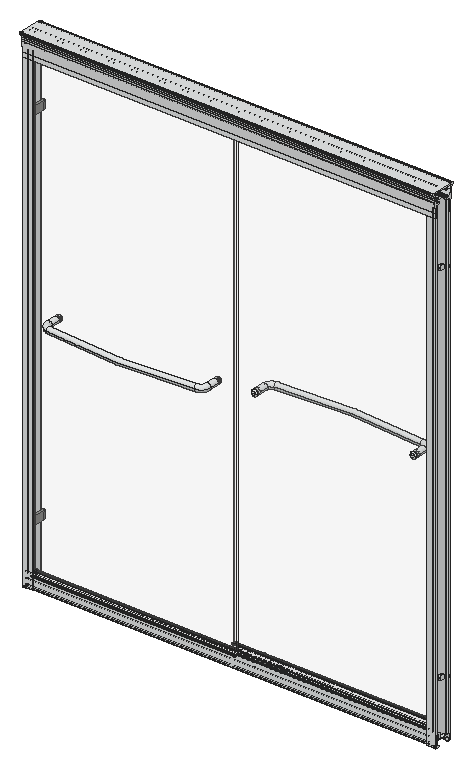
Revit family "Shower-Shower_Door-KOHLER-Fluence-K-702211", category Specialty Equipment, host Face, Revit 2021
Family settings
  Host = Face
  Round Connector Dimension = Use Diameter
  Part Type = Normal
  OmniClass Number = 23.31.17.17
  OmniClass Title = Shower Enclosures
  Cut with Voids When Loaded = No
  Shared = No
  Room Calculation Point = No
Parameters (values of type "SHP-Bright Polished Silver")
  Width [instance] = Walk thru + 27 107/128"  # 52 1/128"
  WaterSense Certified = 1 = 0  # no
  Walk thru [instance] = 24 11/64"
  URL = "https://www.us.kohler.com/us/"
  Type = 1
  Product Page URL = "https://www.us.kohler.com/us/catalog/productDetails.jsp?productId=702211-6L"
  Product Name = "Fluence"  # constant formula
  Product Documentation Link = "https://www.us.kohler.com/webassets/kpna/catalog/pdf/en/K-702211-6L_spec_US-CA_Kohler_en.pdf"
  Model = "K-702211-6L-SHP"  # constant formula
  Material = "Premium Metal Construction"  # constant formula
  Master Format 2014 Name = "Shower Doors"  # constant formula
  Master Format 2014 = "10 28 19.16"  # constant formula
  Manufacturer Address = "444 Highland Dr, Kohler, WI 53044"  # constant formula
  Manufacturer = "Kohler Co."  # constant formula
  Length = 7.24409"  # constant formula
  Height = 62.71654"  # constant formula
  Hardware Included = 1 = 1  # yes
  Finish = Kohler-Metal-SHP-Bright_Polished_Silver
  Environmental Product Declaration = ""
  Description = "49-52 Inch W x 62-23/32 Inch H Sliding Bath Door With 1/4 Inch Thick Crystal Clear Glass"  # constant formula
  Default Elevation = 4"
  Declare Label = ""
  Date Modified = "08/16/2022"  # constant formula
  Date Created = "08/16/2022"  # constant formula
  Copyright = "Copyright Kohler Co."  # constant formula
  Contact Us = "https://www.us.kohler.com/us/static/contact.jsp"
  Assembly Code = "C1030200"
  ADA Compliant = 1 = 0  # no
Reference planes (in)
  plane 1 "Center (Front/Back)": y = 1.56652
  plane 2: z = 0
  plane 3 "Center (Left/Right)": x = 0
  plane 4: y = 5.18105
  plane 5: y = -2.06305
  plane 6: x = 19.27256
  plane 7: x = -32.73525
  plane 8: x = -6.10399
  plane 9: z = 62.71654
  plane 10: z = 59.72667
  plane 11: z = 31.19818
  plane 12: z = 1.63095
  plane 13: z = 30.82317
  plane 14: x = 18.06788
  plane 15: x = -8.55077
  plane 16: x = -29.30073
  plane 17: x = 15.45519
  plane 18: x = -4.54481
  plane 19: z = 31.57321
  plane 20: y = 3.134
  plane 21: y = 0
  plane 22: z = 53.75003
  plane 23: z = 7.5
  plane 24: z = 61.69901
Dimensions and locks (in)
  plane 5 to plane 4 = 7.24409"
  "Width": plane 6 to plane 7
  locked: plane 8 to plane 7 at 26.63125
  "Walk thru": plane 14 to plane 8
  locked: plane 7 to plane 3 "Center (Left/Right)" at 32.73525
  plane 6 to plane 14 = 1.20468"
  locked: plane 3 "Center (Left/Right)" to plane 8 at 6.10399
  locked: plane 17 to plane 6 at 3.81737
  locked: plane 18 to plane 17 at 20
  plane 16 to plane 15 = 20.74996"
  "Height": plane 9 to level
  "Length": plane 5 to plane 4
  plane 10 to plane 12 = 58.09572"
  plane 19 to plane 13 = 0.75004"
  plane 13 to level = 30.82317"
  aligned and locked: plane 2 to host face
  aligned and locked: level to host face
  aligned and locked: plane 7 to nested 1
  aligned and locked: plane 6 to nested 1
Automatic sketch dimensions
  host sketch curve to host sketch curve = 96"  (x2)
Nested families (in)
  nested 1: "K-702211" at (-2.20325, 0, 0), type "K-702211"
Definition of nested family "K-702211"
  Parameters (values of type "K-702211")
    Width = Walk Thru + 27.83465"  # 52.00787"
    Walk Thru = 24.17323"
    Material = none
    Default Elevation = 0"
  Reference planes (in)
    plane 1 "Center (Front/Back)": y = 0
    plane 2: z = 0
    plane 3 "Center (Left/Right)": x = 0
    plane 4: x = 21.47587
    plane 5: x = -30.532
    plane 6: y = 1.56652
    plane 7: y = -2.05628
    plane 8: x = 20.56887
    plane 9: y = 3.134
    plane 10: x = 20.99337
    plane 11: z = 1.63095
    plane 12: z = 31.19818
    plane 13: z = 31.57321
    plane 14: z = 30.82518
    plane 15 "WALK THRU PLANE": x = -3.90075
    plane 16 "WTP1": x = 20.27248
    plane 17 "FH2": x = -26.7225
    plane 18 "FH1": x = -6.7225
    plane 19: x = -16.7225
    plane 20: y = 5.18105
    plane 21 "M1": x = -5.248
    plane 22: y = 2.15619
    plane 23: y = 1.92619
    plane 24: y = 1.20781
    plane 25: y = 0.97781
    plane 26: z = 61.69901
    plane 27: z = 31.19818
    plane 28 "M2": x = -2.3415
    plane 29: x = 17.6585
    plane 30: x = 17.4985
    plane 31 "M3": x = -2.1815
    plane 32: x = 7.65652
    plane 33: z = 62.71461
    plane 34: z = 59.72667
    plane 35: x = -6.34752
    plane 36: x = -27.09748
    plane 37: z = 53.75003
    plane 38: z = 7.5
  Forms (in)
    Extrusion 1, solid, material <- "Material", detail levels medium+fine
      sketch origin (29.093, 2.565, 0) x (0, 1, 0) y (0, 0, 1)
        loop
          line (-0.09022, 0.5137) -> (-0.22807, 0.5137)
          arc (-0.22807, 0.5137) -> (-0.25057, 0.4912) -> (-0.22807, 0.4687) r 0.0225
          line (-0.22807, 0.4687) -> (-0.06534, 0.4687)
          arc (-0.06534, 0.4687) -> (-0.05096, 0.46275) -> (-0.045, 0.44836) r 0.02034
          line (-0.045, 0.44836) -> (-0.045, 0.02241)
          arc (-0.045, 0.02241) -> (-0.0225, -0.00009) -> (0, 0.02241) r 0.0225
          line (0, 0.02241) -> (0, 0.53036) -> (-0.02, 0.565) -> (0, 0.59964) -> (0, 0.6346)
          arc (0, 0.6346) -> (-0.02337, 0.69243) -> (-0.08035, 0.71781) r 0.08326
          line (-0.08035, 0.71781) -> (-1.58747, 0.77044)
          arc (-1.58747, 0.77044) -> (-1.60203, 0.77692) -> (-1.608, 0.7917) r 0.02127
          line (-1.608, 0.7917) -> (-1.608, 0.88625)
          arc (-1.608, 0.88625) -> (-1.60222, 0.90022) -> (-1.58825, 0.906) r 0.01975
          line (-1.58825, 0.906) -> (-1.53212, 0.906)
          arc (-1.53212, 0.906) -> (-1.51817, 0.91194) -> (-1.51279, 0.92611) r 0.01935
          line (-1.51279, 0.92611) -> (-1.53698, 1.5443)
          arc (-1.53698, 1.5443) -> (-1.55307, 1.58284) -> (-1.59045, 1.60147) r 0.05985
          line (-1.59045, 1.60147) -> (-1.86846, 1.63103)
          arc (-1.86846, 1.63103) -> (-1.91436, 1.61616) -> (-1.934, 1.57209) r 0.05927
          line (-1.934, 1.57209) -> (-1.934, 0.01987)
          arc (-1.934, 0.01987) -> (-1.92818, 0.00582) -> (-1.91413, 0) r 0.01987
          line (-1.91413, 0) -> (-1.86764, 0)
          arc (-1.86764, 0) -> (-1.85362, 0.00828) -> (-1.85411, 0.02454) r 0.016
          arc (-1.85411, 0.02454) -> (-1.86729, 0.04224) -> (-1.88302, 0.05771) r 0.14406
          arc (-1.88302, 0.05771) -> (-1.8878, 0.0779) -> (-1.86988, 0.08836) r 0.01743
          arc (-1.86988, 0.08836) -> (-1.82545, 0.07962) -> (-1.78313, 0.06353) r 0.26803
          arc (-1.78313, 0.06353) -> (-1.74156, 0.07912) -> (-1.69803, 0.08787) r 0.27692
          arc (-1.69803, 0.08787) -> (-1.68058, 0.07794) -> (-1.68489, 0.05834) r 0.01692
          arc (-1.68489, 0.05834) -> (-1.70097, 0.0415) -> (-1.71379, 0.02207) r 0.13018
          arc (-1.71379, 0.02207) -> (-1.71346, 0.0073) -> (-1.7006, 0) r 0.01498
          line (-1.7006, 0) -> (-1.65471, 0)
          arc (-1.65471, 0) -> (-1.64006, 0.00606) -> (-1.634, 0.02071) r 0.02071
          line (-1.634, 0.02071) -> (-1.634, 0.08606)
          arc (-1.634, 0.08606) -> (-1.65237, 0.12719) -> (-1.69526, 0.14096) r 0.05523
          arc (-1.69526, 0.14096) -> (-1.74073, 0.13181) -> (-1.78385, 0.11476) r 0.26071
          arc (-1.78385, 0.11476) -> (-1.82519, 0.1319) -> (-1.86875, 0.14215) r 0.27697
          arc (-1.86875, 0.14215) -> (-1.88324, 0.15018) -> (-1.889, 0.16571) r 0.02382
          line (-1.889, 0.16571) -> (-1.889, 1.55999)
          arc (-1.889, 1.55999) -> (-1.88066, 1.57869) -> (-1.86118, 1.585) r 0.02516
          line (-1.86118, 1.585) -> (-1.60441, 1.5577)
          arc (-1.60441, 1.5577) -> (-1.58845, 1.54975) -> (-1.58158, 1.5333) r 0.02555
          line (-1.58158, 1.5333) -> (-1.5598, 0.9768)
          arc (-1.5598, 0.9768) -> (-1.568, 0.95699) -> (-1.58837, 0.95031) r 0.02565
          arc (-1.58837, 0.95031) -> (-1.6336, 0.93599) -> (-1.653, 0.8927) r 0.05799
          line (-1.653, 0.8927) -> (-1.653, 0.79158)
          arc (-1.653, 0.79158) -> (-1.63443, 0.74563) -> (-1.58916, 0.72547) r 0.06615
          line (-1.58916, 0.72547) -> (-0.27166, 0.67946)
          arc (-0.27166, 0.67946) -> (-0.25085, 0.6677) -> (-0.24852, 0.64391) r 0.02591
          arc (-0.24852, 0.64391) -> (-0.24647, 0.62474) -> (-0.22944, 0.6157) r 0.02056
          line (-0.22944, 0.6157) -> (-0.0898, 0.6157)
          arc (-0.0898, 0.6157) -> (-0.0758, 0.6099) -> (-0.07, 0.5959) r 0.0198
          line (-0.07, 0.5959) -> (-0.07, 0.53392)
          arc (-0.07, 0.53392) -> (-0.07592, 0.51963) -> (-0.09022, 0.5137) r 0.02022
      from -59.625 to -7.61713
    Extrusion 2, void
      sketch origin (0, 0, 0) x (0, 1, 0) y (0, 0, 1)
        loop
          line (1.00655, 1.63166) -> (0.58649, 1.66896) -> (0.58649, -0.19685) -> (2.5527, -0.19685) -> (2.5527, 0.74642) -> (1.14238, 0.79512)
          arc (1.14238, 0.79512) -> (1.10316, 0.81216) -> (1.0861, 0.85138) r 0.05833
          line (1.0861, 0.85138) -> (1.06084, 1.57438)
          arc (1.06084, 1.57438) -> (1.04453, 1.61329) -> (1.00655, 1.63166) r 0.0596
      from 20.27248 to 21.47587
    Extrusion 3, solid, material <- "Material", detail levels medium+fine
      sketch origin (0, 0, 0) x (1, 0, 0) y (0, 1, 0)
        loop
          line (-30.532, 2.615) -> (-30.532, 2.565) -> (-30.06986, 2.565)
          arc (-30.06986, 2.565) -> (-30.05582, 2.55918) -> (-30.05, 2.54514) r 0.01986
          line (-30.05, 2.54514) -> (-30.05, 0.60711)
          arc (-30.05, 0.60711) -> (-30.0562, 0.5922) -> (-30.07114, 0.58608) r 0.02103
          arc (-30.07114, 0.58608) -> (-30.30165, 0.58407) -> (-30.532, 0.57549) r 8.08435
          line (-30.532, 0.57549) -> (-30.532, 0.52591)
          arc (-30.532, 0.52591) -> (-29.94328, 0.53519) -> (-29.35471, 0.51888) r 13.54177
          arc (-29.35471, 0.51888) -> (-29.32915, 0.54196) -> (-29.35215, 0.5676) r 0.0244
          arc (-29.35215, 0.5676) -> (-29.66551, 0.58093) -> (-29.97912, 0.58597) r 11.87416
          arc (-29.97912, 0.58597) -> (-29.99389, 0.59213) -> (-30, 0.60691) r 0.02094
          line (-30, 0.60691) -> (-30, 2.573)
          arc (-30, 2.573) -> (-30.0123, 2.6027) -> (-30.042, 2.615) r 0.042
          line (-30.042, 2.615) -> (-30.532, 2.615)
      from 0 to 61.25
    Extrusion 4, solid, material <- "Material", detail levels medium+fine
      sketch origin (0, 0, 14.55654) x (0, 1, 0) y (0, 0, 1)
        loop
          line (2.03453, 48.05856) -> (2.99224, 48.05856)
          arc (2.99224, 48.05856) -> (3.00657, 48.04968) -> (3.00499, 48.03289) r 0.016
          arc (3.00499, 48.03289) -> (2.87918, 47.82721) -> (2.7966, 47.60069) r 1.211
          arc (2.7966, 47.60069) -> (2.71637, 47.23517) -> (2.66101, 46.86508) r 5.54
          arc (2.66101, 46.86508) -> (2.65362, 46.85085) -> (2.63863, 46.84514) r 0.02252
          line (2.63863, 46.84514) -> (2.48969, 46.84514)
          arc (2.48969, 46.84514) -> (2.47471, 46.83893) -> (2.4685, 46.82394) r 0.02119
          line (2.4685, 46.82394) -> (2.4685, 46.78176)
          arc (2.4685, 46.78176) -> (2.40117, 46.76059) -> (2.33201, 46.74649) r 0.68162
          arc (2.33201, 46.74649) -> (2.26784, 46.75684) -> (2.20551, 46.7753) r 0.50723
          arc (2.20551, 46.7753) -> (2.19317, 46.78482) -> (2.1885, 46.79968) r 0.02597
          line (2.1885, 46.79968) -> (2.1885, 46.8954)
          arc (2.1885, 46.8954) -> (2.16043, 46.89503) -> (2.1465, 46.87066) r 0.02829
          line (2.1465, 46.87066) -> (2.1465, 46.80061)
          arc (2.1465, 46.80061) -> (2.15528, 46.76573) -> (2.17952, 46.73916) r 0.07368
          arc (2.17952, 46.73916) -> (2.25361, 46.70466) -> (2.33455, 46.69339) r 0.27578
          arc (2.33455, 46.69339) -> (2.43391, 46.71303) -> (2.51946, 46.76724) r 0.27556
          arc (2.51946, 46.76724) -> (2.53463, 46.7768) -> (2.55224, 46.78014) r 0.04811
          line (2.55224, 46.78014) -> (2.62922, 46.78014)
          arc (2.62922, 46.78014) -> (2.64424, 46.77359) -> (2.64968, 46.75812) r 0.02051
          arc (2.64968, 46.75812) -> (2.62367, 46.28445) -> (2.615, 45.81014) r 12.97575
          line (2.615, 45.81014) -> (2.615, 45.17014) -> (2.68, 45.17014) -> (2.68, 45.81014)
          arc (2.68, 45.81014) -> (2.69845, 46.41298) -> (2.75373, 47.01356) r 9.85743
          arc (2.75373, 47.01356) -> (2.77708, 47.16967) -> (2.80851, 47.32435) r 3.03223
          arc (2.80851, 47.32435) -> (2.83126, 47.43397) -> (2.85309, 47.54378) r 13.47898
          arc (2.85309, 47.54378) -> (2.89321, 47.68946) -> (2.95509, 47.82733) r 0.98771
          arc (2.95509, 47.82733) -> (2.99248, 47.89297) -> (3.03239, 47.95711) r 1.95097
          arc (3.03239, 47.95711) -> (3.04978, 47.98297) -> (3.06801, 48.00825) r 0.95804
          arc (3.06801, 48.00825) -> (3.09308, 48.03929) -> (3.12047, 48.0683) r 0.51768
          arc (3.12047, 48.0683) -> (3.13048, 48.08305) -> (3.134, 48.10052) r 0.04512
          line (3.134, 48.10052) -> (3.134, 48.13206)
          arc (3.134, 48.13206) -> (3.11557, 48.15677) -> (3.08477, 48.15807) r 0.03588
          arc (3.08477, 48.15807) -> (3.01387, 48.13601) -> (2.94, 48.12856) r 0.36985
          line (2.94, 48.12856) -> (0.194, 48.12856)
          arc (0.194, 48.12856) -> (0.12013, 48.13601) -> (0.04923, 48.15807) r 0.36985
          arc (0.04923, 48.15807) -> (0.01843, 48.15677) -> (0, 48.13206) r 0.03588
          line (0, 48.13206) -> (0, 48.10052)
          arc (0, 48.10052) -> (0.00352, 48.08305) -> (0.01353, 48.0683) r 0.04512
          arc (0.01353, 48.0683) -> (0.04092, 48.03929) -> (0.06599, 48.00825) r 0.51768
          arc (0.06599, 48.00825) -> (0.08422, 47.98297) -> (0.10161, 47.95711) r 0.95804
          arc (0.10161, 47.95711) -> (0.14152, 47.89297) -> (0.17891, 47.82733) r 1.95097
          arc (0.17891, 47.82733) -> (0.24079, 47.68946) -> (0.28091, 47.54378) r 0.98771
          arc (0.28091, 47.54378) -> (0.30274, 47.43397) -> (0.32549, 47.32435) r 13.47898
          arc (0.32549, 47.32435) -> (0.35692, 47.16967) -> (0.38027, 47.01356) r 3.03223
          arc (0.38027, 47.01356) -> (0.43555, 46.41298) -> (0.454, 45.81014) r 9.85743
          line (0.454, 45.81014) -> (0.454, 45.17014) -> (0.519, 45.17014) -> (0.519, 45.81014)
          arc (0.519, 45.81014) -> (0.51033, 46.28445) -> (0.48432, 46.75812) r 12.97575
          arc (0.48432, 46.75812) -> (0.48976, 46.77359) -> (0.50478, 46.78014) r 0.02051
          line (0.50478, 46.78014) -> (0.58176, 46.78014)
          arc (0.58176, 46.78014) -> (0.59937, 46.7768) -> (0.61454, 46.76724) r 0.04811
          arc (0.61454, 46.76724) -> (0.70009, 46.71303) -> (0.79945, 46.69339) r 0.27556
          arc (0.79945, 46.69339) -> (0.88039, 46.70466) -> (0.95448, 46.73916) r 0.27578
          arc (0.95448, 46.73916) -> (0.97872, 46.76573) -> (0.9875, 46.80061) r 0.07368
          line (0.9875, 46.80061) -> (0.9875, 46.87066)
          arc (0.9875, 46.87066) -> (0.97357, 46.89503) -> (0.9455, 46.8954) r 0.02829
          line (0.9455, 46.8954) -> (0.9455, 46.79968)
          arc (0.9455, 46.79968) -> (0.94083, 46.78482) -> (0.92849, 46.7753) r 0.02597
          arc (0.92849, 46.7753) -> (0.86616, 46.75684) -> (0.80199, 46.74649) r 0.50723
          arc (0.80199, 46.74649) -> (0.73283, 46.76059) -> (0.6655, 46.78176) r 0.68162
          line (0.6655, 46.78176) -> (0.6655, 46.82394)
          arc (0.6655, 46.82394) -> (0.65929, 46.83893) -> (0.64431, 46.84514) r 0.02119
          line (0.64431, 46.84514) -> (0.49537, 46.84514)
          arc (0.49537, 46.84514) -> (0.48038, 46.85085) -> (0.47299, 46.86508) r 0.02252
          arc (0.47299, 46.86508) -> (0.41763, 47.23517) -> (0.3374, 47.60069) r 5.54
          arc (0.3374, 47.60069) -> (0.25482, 47.82721) -> (0.12901, 48.03289) r 1.211
          arc (0.12901, 48.03289) -> (0.12743, 48.04968) -> (0.14176, 48.05856) r 0.016
          line (0.14176, 48.05856) -> (1.09947, 48.05856) -> (1.09947, 47.84659)
          arc (1.09947, 47.84659) -> (1.09611, 47.83144) -> (1.08667, 47.81913) r 0.03584
          line (1.08667, 47.81913) -> (1.0005, 47.74683) -> (1.0005, 47.68156) -> (1.14947, 47.80656) -> (1.14947, 48.05856) -> (1.98453, 48.05856) -> (1.98453, 47.80656) -> (2.1335, 47.68156) -> (2.1335, 47.74683) -> (2.04972, 47.81713)
          arc (2.04972, 47.81713) -> (2.03851, 47.83173) -> (2.03453, 47.8497) r 0.04252
          line (2.03453, 47.8497) -> (2.03453, 48.05856)
      from -30.532 to 21.47587
    Extrusion 5, solid, material <- "Material", detail levels medium+fine
      sketch origin (17.4985, 2.44719, 52.68793) x (0, 1, 0) y (0, 0, 1)
        loop
          line (-0.18, 7.23465) -> (-0.18, 8.27401)
          arc (-0.18, 8.27401) -> (-0.218, 8.3699) -> (-0.31136, 8.41374) r 0.14
          arc (-0.31136, 8.41374) -> (-0.35304, 8.43331) -> (-0.37, 8.47612) r 0.0625
          line (-0.37, 8.47612) -> (-0.37, 9.25601)
          arc (-0.37, 9.25601) -> (-0.41, 9.29601) -> (-0.45, 9.25601) r 0.04
          line (-0.45, 9.25601) -> (-0.45, 8.47612)
          arc (-0.45, 8.47612) -> (-0.46696, 8.43331) -> (-0.50864, 8.41374) r 0.0625
          arc (-0.50864, 8.41374) -> (-0.602, 8.3699) -> (-0.64, 8.27401) r 0.14
          line (-0.64, 8.27401) -> (-0.64, 7.23513)
          arc (-0.64, 7.23513) -> (-0.63399, 7.22013) -> (-0.61928, 7.21345) r 0.02171
          arc (-0.61928, 7.21345) -> (-0.59514, 7.22249) -> (-0.585, 7.2462) r 0.03279
          line (-0.585, 7.2462) -> (-0.545, 7.2462) -> (-0.545, 8.27409)
          arc (-0.545, 8.27409) -> (-0.51867, 8.33767) -> (-0.45509, 8.36401) r 0.08991
          line (-0.45509, 8.36401) -> (-0.37573, 8.36401)
          arc (-0.37573, 8.36401) -> (-0.31582, 8.33919) -> (-0.291, 8.27928) r 0.08473
          line (-0.291, 8.27928) -> (-0.291, 7.2462) -> (-0.235, 7.2462)
          arc (-0.235, 7.2462) -> (-0.22436, 7.22202) -> (-0.19933, 7.21354) r 0.03279
          arc (-0.19933, 7.21354) -> (-0.18556, 7.22034) -> (-0.18, 7.23465) r 0.02119
      from 0.625 to -0.625
    Extrusion 6, solid, material <- "Material", detail levels medium+fine
      sketch origin (-26.5625, 0.91681, 52.68793) x (0, 1, 0) y (0, 0, 1)
        loop
          arc (-0.05096, 7.23465) -> (-0.04539, 7.22034) -> (-0.03162, 7.21354) r 0.02119
          arc (-0.03162, 7.21354) -> (-0.0066, 7.22202) -> (0.00404, 7.2462) r 0.03279
          line (0.00404, 7.2462) -> (0.06004, 7.2462) -> (0.06004, 8.27928)
          arc (0.06004, 8.27928) -> (0.08486, 8.33919) -> (0.14477, 8.36401) r 0.08473
          line (0.14477, 8.36401) -> (0.22413, 8.36401)
          arc (0.22413, 8.36401) -> (0.28771, 8.33767) -> (0.31404, 8.27409) r 0.08991
          line (0.31404, 8.27409) -> (0.31404, 7.2462) -> (0.35404, 7.2462)
          arc (0.35404, 7.2462) -> (0.36418, 7.22249) -> (0.38832, 7.21345) r 0.03279
          arc (0.38832, 7.21345) -> (0.40303, 7.22013) -> (0.40904, 7.23513) r 0.02171
          line (0.40904, 7.23513) -> (0.40904, 8.27401)
          arc (0.40904, 8.27401) -> (0.37105, 8.3699) -> (0.27768, 8.41374) r 0.14
          arc (0.27768, 8.41374) -> (0.236, 8.43331) -> (0.21904, 8.47612) r 0.0625
          line (0.21904, 8.47612) -> (0.21904, 9.25601)
          arc (0.21904, 9.25601) -> (0.17904, 9.29601) -> (0.13904, 9.25601) r 0.04
          line (0.13904, 9.25601) -> (0.13904, 8.47612)
          arc (0.13904, 8.47612) -> (0.12208, 8.43331) -> (0.0804, 8.41374) r 0.0625
          arc (0.0804, 8.41374) -> (-0.01296, 8.3699) -> (-0.05096, 8.27401) r 0.14
          line (-0.05096, 8.27401) -> (-0.05096, 7.23465)
      from -0.625 to 0.625
    Revolve 7, solid, material <- "Material", detail levels medium+fine
      sketch origin (-26.5625, 0.91681, 52.68793) x (0, 1, 0) y (0, 0, 1)
        loop
          line (0.12505, 9.2303) -> (0.015, 9.2303) -> (0.015, 9.35664) -> (-0.01506, 9.3867) -> (-0.20491, 9.3867) -> (-0.235, 9.35661) -> (-0.235, 9.01108) -> (0.14906, 9.01108) -> (0.14906, 9.20629) -> (0.12505, 9.2303)
        axis (0.14906, 9.01108) -> (-0.235, 9.01108)
      angle from 0 to 360
    Revolve 8, solid, material <- "Material", detail levels medium+fine
      sketch origin (17.4985, 2.44719, 52.68793) x (0, 1, 0) y (0, 0, 1)
        loop
          line (-0.35601, 9.2303) -> (-0.38002, 9.20629) -> (-0.38002, 9.01108) -> (0.00404, 9.01108) -> (0.00404, 9.35661) -> (-0.02605, 9.3867) -> (-0.2159, 9.3867) -> (-0.24596, 9.35664) -> (-0.24596, 9.2303) -> (-0.35601, 9.2303)
        axis (-0.38002, 9.01108) -> (0.00404, 9.01108)
      angle from 0 to 360
    Extrusion 9, solid
      sketch origin (0, 0, 0) x (1, 0, 0) y (0, 1, 0)
        loop
          spline (-29.52603, 1.20781) -> (-29.53134, 1.20017) -> (-29.53629, 1.19205) -> (-29.54087, 1.18348) -> (-29.54505, 1.17449) -> (-29.54882, 1.16514) -> (-29.55217, 1.15545) -> (-29.55507, 1.14547) -> (-29.55751, 1.13524) -> (-29.55949, 1.12481) -> (-29.561, 1.11422) -> (-29.56202, 1.10352) -> (-29.56256, 1.09275)
          spline (-29.56256, 1.09275) -> (-29.56215, 1.08199) -> (-29.56123, 1.0713) -> (-29.55981, 1.06072) -> (-29.55788, 1.0503) -> (-29.55547, 1.04009) -> (-29.55258, 1.03012) -> (-29.54923, 1.02044) -> (-29.54542, 1.01109) -> (-29.54118, 1.00212) -> (-29.53652, 0.99355) -> (-29.53146, 0.98544) -> (-29.52603, 0.97781)
          line (-29.52603, 0.97781) -> (-3.93768, 0.97781)
          spline (-3.93768, 0.97781) -> (-3.92686, 0.99334) -> (-3.91771, 1.01081) -> (-3.91039, 1.02987) -> (-3.90507, 1.05016) -> (-3.90183, 1.07128) -> (-3.90075, 1.09281) -> (-3.90183, 1.11434) -> (-3.90507, 1.13546) -> (-3.9104, 1.15574) -> (-3.91771, 1.1748) -> (-3.92686, 1.19227) -> (-3.93768, 1.20781)
          line (-3.93768, 1.20781) -> (-29.52603, 1.20781)
      from 1.38601 to 61.01275
    Extrusion 10, solid
      sketch origin (0, 0, 0) x (0, 1, 0) y (0, 0, 1)
        loop
          line (1.82555, 1.89817) -> (1.54335, 1.44917)
          arc (1.54335, 1.44917) -> (1.55121, 1.4147) -> (1.58568, 1.42257) r 0.025
          line (1.58568, 1.42257) -> (1.858, 1.85583)
          arc (1.858, 1.85583) -> (1.87293, 1.86129) -> (1.88195, 1.8482) r 0.01298
          line (1.88195, 1.8482) -> (1.85669, 1.39636)
          arc (1.85669, 1.39636) -> (1.87223, 1.35389) -> (1.91377, 1.33601) r 0.05717
          line (1.91377, 1.33601) -> (2.16947, 1.33601)
          arc (2.16947, 1.33601) -> (2.21042, 1.35364) -> (2.22574, 1.39551) r 0.05636
          line (2.22574, 1.39551) -> (2.20098, 1.83834)
          arc (2.20098, 1.83834) -> (2.21177, 1.854) -> (2.22964, 1.84747) r 0.01553
          line (2.22964, 1.84747) -> (2.49731, 1.4216)
          arc (2.49731, 1.4216) -> (2.53178, 1.41374) -> (2.53964, 1.44821) r 0.025
          line (2.53964, 1.44821) -> (2.25616, 1.89924)
          arc (2.25616, 1.89924) -> (2.1896, 1.92358) -> (2.1494, 1.86522) r 0.05786
          line (2.1494, 1.86522) -> (2.15143, 1.82892)
          arc (2.15143, 1.82892) -> (2.13228, 1.80782) -> (2.15366, 1.78898) r 0.02
          line (2.15366, 1.78898) -> (2.15757, 1.71909)
          arc (2.15757, 1.71909) -> (2.13871, 1.69801) -> (2.1598, 1.67915) r 0.02
          line (2.1598, 1.67915) -> (2.16371, 1.60926)
          arc (2.16371, 1.60926) -> (2.14508, 1.58819) -> (2.16594, 1.56933) r 0.02
          line (2.16594, 1.56933) -> (2.17505, 1.40639)
          arc (2.17505, 1.40639) -> (2.1698, 1.39205) -> (2.15578, 1.38601) r 0.0193
          line (2.15578, 1.38601) -> (1.92695, 1.38601)
          arc (1.92695, 1.38601) -> (1.91269, 1.39215) -> (1.90735, 1.40673) r 0.01963
          line (1.90735, 1.40673) -> (1.91644, 1.56933)
          arc (1.91644, 1.56933) -> (1.93809, 1.58815) -> (1.91867, 1.60926) r 0.02001
          line (1.91867, 1.60926) -> (1.92258, 1.67915)
          arc (1.92258, 1.67915) -> (1.94359, 1.69801) -> (1.92481, 1.71909) r 0.02
          line (1.92481, 1.71909) -> (1.92872, 1.78898)
          arc (1.92872, 1.78898) -> (1.9497, 1.80784) -> (1.93095, 1.82892) r 0.02
          line (1.93095, 1.82892) -> (1.93291, 1.86396)
          arc (1.93291, 1.86396) -> (1.89248, 1.92265) -> (1.82555, 1.89817) r 0.05819
      from -5.248 to 20.56887
    Extrusion 11, solid
      sketch origin (0, 0, 0) x (0, 1, 0) y (0, 0, 1)
        loop
          line (0.8773, 1.89817) -> (0.59509, 1.44917)
          arc (0.59509, 1.44917) -> (0.60296, 1.4147) -> (0.63743, 1.42257) r 0.025
          line (0.63743, 1.42257) -> (0.90974, 1.85583)
          arc (0.90974, 1.85583) -> (0.92467, 1.86129) -> (0.9337, 1.8482) r 0.01298
          line (0.9337, 1.8482) -> (0.90843, 1.39636)
          arc (0.90843, 1.39636) -> (0.92398, 1.35389) -> (0.96551, 1.33601) r 0.05717
          line (0.96551, 1.33601) -> (1.22121, 1.33601)
          arc (1.22121, 1.33601) -> (1.26216, 1.35364) -> (1.27748, 1.39551) r 0.05636
          line (1.27748, 1.39551) -> (1.25272, 1.83834)
          arc (1.25272, 1.83834) -> (1.26351, 1.854) -> (1.28138, 1.84747) r 0.01553
          line (1.28138, 1.84747) -> (1.54905, 1.4216)
          arc (1.54905, 1.4216) -> (1.58352, 1.41374) -> (1.59138, 1.44821) r 0.025
          line (1.59138, 1.44821) -> (1.3079, 1.89924)
          arc (1.3079, 1.89924) -> (1.24134, 1.92358) -> (1.20114, 1.86522) r 0.05786
          line (1.20114, 1.86522) -> (1.20317, 1.82892)
          arc (1.20317, 1.82892) -> (1.18402, 1.80782) -> (1.2054, 1.78898) r 0.02
          line (1.2054, 1.78898) -> (1.20931, 1.71909)
          arc (1.20931, 1.71909) -> (1.19045, 1.69801) -> (1.21154, 1.67915) r 0.02
          line (1.21154, 1.67915) -> (1.21545, 1.60926)
          arc (1.21545, 1.60926) -> (1.19682, 1.58819) -> (1.21768, 1.56933) r 0.02
          line (1.21768, 1.56933) -> (1.22679, 1.40639)
          arc (1.22679, 1.40639) -> (1.22155, 1.39205) -> (1.20752, 1.38601) r 0.0193
          line (1.20752, 1.38601) -> (0.97869, 1.38601)
          arc (0.97869, 1.38601) -> (0.96443, 1.39215) -> (0.95909, 1.40673) r 0.01963
          line (0.95909, 1.40673) -> (0.96818, 1.56933)
          arc (0.96818, 1.56933) -> (0.98983, 1.58815) -> (0.97041, 1.60926) r 0.02001
          line (0.97041, 1.60926) -> (0.97432, 1.67915)
          arc (0.97432, 1.67915) -> (0.99533, 1.69801) -> (0.97656, 1.71909) r 0.02
          line (0.97656, 1.71909) -> (0.98046, 1.78898)
          arc (0.98046, 1.78898) -> (1.00144, 1.80784) -> (0.9827, 1.82892) r 0.02
          line (0.9827, 1.82892) -> (0.98465, 1.86396)
          arc (0.98465, 1.86396) -> (0.94423, 1.92265) -> (0.8773, 1.89817) r 0.05819
      from -29.6249 to -3.816
    Extrusion 12, solid
      sketch origin (0, 0.94838, 0) x (1, 0, 0) y (0, 1, 0)
        loop
          spline (-5.14962, 1.20781) -> (-5.15493, 1.20017) -> (-5.15988, 1.19205) -> (-5.16446, 1.18348) -> (-5.16864, 1.17449) -> (-5.17242, 1.16514) -> (-5.17576, 1.15545) -> (-5.17866, 1.14547) -> (-5.18111, 1.13524) -> (-5.18309, 1.12481) -> (-5.18459, 1.11422) -> (-5.18561, 1.10352) -> (-5.18615, 1.09275)
          spline (-5.18615, 1.09275) -> (-5.18574, 1.08199) -> (-5.18482, 1.0713) -> (-5.1834, 1.06072) -> (-5.18148, 1.0503) -> (-5.17907, 1.04009) -> (-5.17618, 1.03012) -> (-5.17282, 1.02044) -> (-5.16901, 1.01109) -> (-5.16477, 1.00212) -> (-5.16011, 0.99355) -> (-5.15505, 0.98544) -> (-5.14962, 0.97781)
          line (-5.14962, 0.97781) -> (20.46942, 0.97781)
          spline (20.46942, 0.97781) -> (20.48024, 0.99334) -> (20.48939, 1.01081) -> (20.4967, 1.02987) -> (20.50203, 1.05016) -> (20.50527, 1.07128) -> (20.50635, 1.09281) -> (20.50527, 1.11434) -> (20.50203, 1.13546) -> (20.4967, 1.15574) -> (20.48939, 1.1748) -> (20.48024, 1.19227) -> (20.46942, 1.20781)
          line (20.46942, 1.20781) -> (-5.14962, 1.20781)
      from 1.38601 to 61.01076
    Sweep 13, solid, material <- "Material"
      path origin (-1.09787, 2.89619, 23.91718) x (0, 1, 0) y (-1, 0, 0)
        loop
          line (-0.70769, -18.75637) -> (0.42027, -18.75637)
          arc (0.42027, -18.75637) -> (0.98955, -18.54302) -> (1.27836, -18.00805) r 0.86614
          arc (1.27836, -18.00805) -> (1.91056, -8.75638) -> (1.27841, 0.4953) r 68.01364
          arc (1.27841, 0.4953) -> (0.9896, 1.03027) -> (0.42032, 1.24363) r 0.86614
          line (0.42032, 1.24363) -> (-0.70749, 1.24363)
      profile origin (-2.3415, 2.1887, 23.91718) x (1, 0, 0) y (0, 0, 1)
        loop
          circle (0, 7.281) r 0.37503
    Extrusion 14, solid, material <- "Material", detail levels medium+fine
      sketch origin (28.586, 1.56956, 56.562) x (1, 0, 0) y (0, 1, 0)
        loop
          line (-7.11013, 1.0395) -> (-7.60063, 1.0395)
          arc (-7.60063, 1.0395) -> (-7.63033, 1.0272) -> (-7.64263, 0.9975) r 0.042
          line (-7.64263, 0.9975) -> (-7.64263, -0.96859)
          arc (-7.64263, -0.96859) -> (-7.64874, -0.98337) -> (-7.66351, -0.98953) r 0.02094
          arc (-7.66351, -0.98953) -> (-7.97712, -0.99457) -> (-8.29048, -1.0079) r 11.87416
          arc (-8.29048, -1.0079) -> (-8.31348, -1.03354) -> (-8.28792, -1.05662) r 0.0244
          arc (-8.28792, -1.05662) -> (-7.69935, -1.04031) -> (-7.11063, -1.04959) r 13.54177
          line (-7.11063, -1.04959) -> (-7.11063, -1.00001)
          arc (-7.11063, -1.00001) -> (-7.34098, -0.99143) -> (-7.57149, -0.98942) r 8.08435
          arc (-7.57149, -0.98942) -> (-7.58643, -0.9833) -> (-7.59263, -0.96839) r 0.02103
          line (-7.59263, -0.96839) -> (-7.59263, 0.96964)
          arc (-7.59263, 0.96964) -> (-7.58681, 0.98368) -> (-7.57277, 0.9895) r 0.01986
          line (-7.57277, 0.9895) -> (-7.11013, 0.9895) -> (-7.11013, 1.0395)
      from -56.562 to 4.688
    Extrusion 15, void
      sketch origin (-66.88633, 0.00406, 0) x (0, 1, 0) y (0, 0, 1)
        loop
          line (1.00655, 1.63166) -> (0.58855, 1.66877) -> (0.58855, -0.19685) -> (2.54039, -0.19685) -> (2.54039, 0.74685) -> (1.14238, 0.79512)
          arc (1.14238, 0.79512) -> (1.10316, 0.81216) -> (1.0861, 0.85138) r 0.05833
          line (1.0861, 0.85138) -> (1.06084, 1.57438)
          arc (1.06084, 1.57438) -> (1.04453, 1.61329) -> (1.00655, 1.63166) r 0.0596
      from 36.35433 to 37.73228
    Revolve 16, solid, material <- "Material"
      sketch origin (0.09, 2.89619, 31.19818) x (0, 1, 0) y (-1, 0, 0)
        loop
          line (-1.54338, 27.0185) -> (-1.63638, 27.0185) -> (-1.63638, 26.8125) -> (-1.3268, 26.8125)
          arc (-1.3268, 26.8125) -> (-1.33211, 26.90911) -> (-1.34796, 27.00455) r 0.88222
          arc (-1.34796, 27.00455) -> (-1.3607, 27.05465) -> (-1.37638, 27.10391) r 0.87371
          arc (-1.37638, 27.10391) -> (-1.42209, 27.16452) -> (-1.49442, 27.18756) r 0.12511
          line (-1.49442, 27.18756) -> (-1.54338, 27.18756) -> (-1.54338, 27.0185)
        axis (-1.63638, 26.8125) -> (-1.3268, 26.8125)
      angle from 0 to 360
    Extrusion 17, solid, detail levels medium+fine
      sketch origin (0, 0, 0) x (1, 0, 0) y (0, 1, 0)
        loop
          line (-29.86714, 2.80291) -> (-30.45149, 2.68382)
          arc (-30.45149, 2.68382) -> (-30.47914, 2.64627) -> (-30.44455, 2.615) r 0.03476
          line (-30.44455, 2.615) -> (-29.99032, 2.615)
          arc (-29.99032, 2.615) -> (-29.95262, 2.59938) -> (-29.937, 2.56168) r 0.05332
          line (-29.937, 2.56168) -> (-29.937, 0.62154) -> (-29.5625, 0.615) -> (-29.5625, 2.5541)
          arc (-29.5625, 2.5541) -> (-29.6558, 2.75077) -> (-29.86714, 2.80291) r 0.25393
      from 7 to 8
    Extrusion 18, solid, detail levels medium+fine
      sketch origin (0, 0, 53.72289) x (1, 0, 0) y (0, 1, 0)
        loop
          line (-29.86714, 2.80291) -> (-30.45149, 2.68382)
          arc (-30.45149, 2.68382) -> (-30.47914, 2.64627) -> (-30.44455, 2.615) r 0.03476
          line (-30.44455, 2.615) -> (-29.99032, 2.615)
          arc (-29.99032, 2.615) -> (-29.95262, 2.59938) -> (-29.937, 2.56168) r 0.05332
          line (-29.937, 2.56168) -> (-29.937, 0.62154) -> (-29.5625, 0.615) -> (-29.5625, 2.5541)
          arc (-29.5625, 2.5541) -> (-29.6558, 2.75077) -> (-29.86714, 2.80291) r 0.25393
      from -0.47462 to 0.5302
    Extrusion 19, solid, detail levels medium+fine
      sketch origin (0, 0, 53.72289) x (-1, 0, 0) y (0, -1, 0)
        loop
          arc (-20.79035, -2.80291) -> (-20.57901, -2.75077) -> (-20.4857, -2.5541) r 0.25393
          line (-20.4857, -2.5541) -> (-20.4857, -0.615) -> (-20.8602, -0.62154) -> (-20.8602, -2.56168)
          arc (-20.8602, -2.56168) -> (-20.87582, -2.59938) -> (-20.91352, -2.615) r 0.05332
          line (-20.91352, -2.615) -> (-21.36776, -2.615)
          arc (-21.36776, -2.615) -> (-21.40234, -2.64627) -> (-21.3747, -2.68382) r 0.03476
          line (-21.3747, -2.68382) -> (-20.79035, -2.80291)
      from -0.47462 to 0.5302
    Extrusion 20, solid, detail levels medium+fine
      sketch origin (0, 0, 15.97773) x (0, 1, 0) y (1, 0, 0)
        loop
          line (2.80291, 20.79035) -> (2.68382, 21.3747)
          arc (2.68382, 21.3747) -> (2.64627, 21.40234) -> (2.615, 21.36776) r 0.03476
          line (2.615, 21.36776) -> (2.615, 20.91352)
          arc (2.615, 20.91352) -> (2.59938, 20.87582) -> (2.56168, 20.8602) r 0.05332
          line (2.56168, 20.8602) -> (0.62154, 20.8602) -> (0.615, 20.4857) -> (2.5541, 20.4857)
          arc (2.5541, 20.4857) -> (2.75077, 20.57901) -> (2.80291, 20.79035) r 0.25393
      from 7.97773 to 8.97773
    Extrusion 21, solid, material <- "Material", detail levels medium+fine
      sketch origin (20.99337, 1.65731, 52.68804) x (0, 1, 0) y (0, 0, 1)
        loop
          arc (-0.2011, 1.30448) -> (-0.28823, 1.26838) -> (-0.32433, 1.18125) r 0.12323
          line (-0.32433, 1.18125) -> (-0.32433, 0.94274)
          arc (-0.32433, 0.94274) -> (-0.28823, 0.8556) -> (-0.2011, 0.81951) r 0.12323
          line (-0.2011, 0.81951) -> (0.03753, 0.81951)
          arc (0.03753, 0.81951) -> (0.12466, 0.8556) -> (0.16075, 0.94274) r 0.12323
          line (0.16075, 0.94274) -> (0.16075, 1.18122)
          arc (0.16075, 1.18122) -> (0.12465, 1.26838) -> (0.0375, 1.30448) r 0.12325
          line (0.0375, 1.30448) -> (-0.2011, 1.30448)
      from 0 to 0.41833
    Extrusion 22, solid, material <- "Material", detail levels medium+fine
      sketch origin (20.99337, 1.65731, 48) x (0, 1, 0) y (0, 0, 1)
        loop
          arc (-0.2011, -40.25752) -> (-0.28823, -40.29361) -> (-0.32433, -40.38075) r 0.12323
          line (-0.32433, -40.38075) -> (-0.32433, -40.61925)
          arc (-0.32433, -40.61925) -> (-0.28823, -40.70639) -> (-0.2011, -40.74248) r 0.12323
          line (-0.2011, -40.74248) -> (0.03753, -40.74248)
          arc (0.03753, -40.74248) -> (0.12466, -40.70639) -> (0.16075, -40.61925) r 0.12323
          line (0.16075, -40.61925) -> (0.16075, -40.38077)
          arc (0.16075, -40.38077) -> (0.12465, -40.29362) -> (0.0375, -40.25752) r 0.12325
          line (0.0375, -40.25752) -> (-0.2011, -40.25752)
      from 0 to 0.41833
    Extrusion 23, solid, material <- "Material", detail levels medium+fine
      sketch origin (-30, 1.78768, 52.68804) x (0, 1, 0) y (0, 0, 1)
        loop
          arc (-0.33146, 1.30448) -> (-0.4186, 1.26838) -> (-0.45469, 1.18125) r 0.12323
          line (-0.45469, 1.18125) -> (-0.45469, 0.94274)
          arc (-0.45469, 0.94274) -> (-0.4186, 0.8556) -> (-0.33146, 0.81951) r 0.12323
          line (-0.33146, 0.81951) -> (-0.09284, 0.81951)
          arc (-0.09284, 0.81951) -> (-0.00571, 0.8556) -> (0.03039, 0.94274) r 0.12323
          line (0.03039, 0.94274) -> (0.03039, 1.18122)
          arc (0.03039, 1.18122) -> (-0.00571, 1.26838) -> (-0.09286, 1.30448) r 0.12325
          line (-0.09286, 1.30448) -> (-0.33146, 1.30448)
      from 0 to -0.4885
    Extrusion 24, solid, material <- "Material", detail levels medium+fine
      sketch origin (-30, 1.78768, 48) x (0, 1, 0) y (0, 0, 1)
        loop
          arc (-0.33146, -40.25752) -> (-0.4186, -40.29361) -> (-0.45469, -40.38075) r 0.12323
          line (-0.45469, -40.38075) -> (-0.45469, -40.61925)
          arc (-0.45469, -40.61925) -> (-0.4186, -40.70639) -> (-0.33146, -40.74248) r 0.12323
          line (-0.33146, -40.74248) -> (-0.09284, -40.74248)
          arc (-0.09284, -40.74248) -> (-0.00571, -40.70639) -> (0.03039, -40.61925) r 0.12323
          line (0.03039, -40.61925) -> (0.03039, -40.38077)
          arc (0.03039, -40.38077) -> (-0.00571, -40.29362) -> (-0.09286, -40.25752) r 0.12325
          line (-0.09286, -40.25752) -> (-0.33146, -40.25752)
      from 0 to -0.4885
    Extrusion 25, solid, detail levels medium+fine
      sketch origin (0, 0, 0) x (0, 1, 0) y (0, 0, 1)
        loop
          line (2.43945, 0.79943) -> (2.02062, 0.81406)
          arc (2.02062, 0.81406) -> (1.97427, 0.83421) -> (1.95412, 0.88056) r 0.06895
          line (1.95412, 0.88056) -> (1.93061, 1.55384)
          arc (1.93061, 1.55384) -> (1.91287, 1.59368) -> (1.87243, 1.61003) r 0.05822
          line (1.87243, 1.61003) -> (1.76398, 1.61003)
          arc (1.76398, 1.61003) -> (1.72634, 1.59482) -> (1.70982, 1.55772) r 0.05419
          line (1.70982, 1.55772) -> (1.68665, 0.89421)
          arc (1.68665, 0.89421) -> (1.66493, 0.84654) -> (1.61586, 0.82819) r 0.06844
          line (1.61586, 0.82819) -> (1.09033, 0.84655)
          arc (1.09033, 0.84655) -> (1.06923, 0.85201) -> (1.05242, 0.86589) r 0.0503
          arc (1.05242, 0.86589) -> (1.02188, 0.88795) -> (0.98428, 0.8902) r 0.06747
          line (0.98428, 0.8902) -> (0.98082, 0.79106)
          arc (0.98082, 0.79106) -> (0.98638, 0.7762) -> (1.00081, 0.76962) r 0.02073
          line (1.00081, 0.76962) -> (2.48477, 0.7178)
          arc (2.48477, 0.7178) -> (2.5414, 0.69274) -> (2.56498, 0.63547) r 0.08311
          line (2.56498, 0.63547) -> (2.56908, 0.16565)
          arc (2.56908, 0.16565) -> (2.57523, 0.15106) -> (2.58988, 0.14503) r 0.02081
          line (2.58988, 0.14503) -> (2.65428, 0.14503) -> (2.65428, 1.54855)
          arc (2.65428, 1.54855) -> (2.59282, 1.6111) -> (2.52921, 1.55074) r 0.06255
          line (2.52921, 1.55074) -> (2.50511, 0.86067)
          arc (2.50511, 0.86067) -> (2.48496, 0.81645) -> (2.43945, 0.79943) r 0.06349
      from -2.03082 to 0.968
    Extrusion 26, solid, material <- "Material", detail levels coarse
      sketch origin (0, 0, -7.312) x (0, 1, 0) y (0, 0, 1)
        loop
          line (3.134, 70.02898) -> (-0.00096, 70.02898) -> (-0.00096, 69.96586)
          arc (-0.00096, 69.96586) -> (0.29033, 69.16467) -> (0.4319, 68.32401) r 4.69349
          line (0.4319, 68.32401) -> (2.70115, 68.32401)
          arc (2.70115, 68.32401) -> (2.84271, 69.16467) -> (3.134, 69.96586) r 4.69349
          line (3.134, 69.96586) -> (3.134, 70.02898)
        loop
          line (0.48811, 7.312) -> (2.65288, 7.312) -> (2.65288, 8.69801) -> (0.48811, 8.69801) -> (0.48811, 7.312)
      from -30.532 to 21.47587
    Extrusion 27, solid, material <- "Material", detail levels coarse
      sketch origin (0, 0, 0) x (1, 0, 0) y (0, 1, 0)
        loop
          line (-30.532, 2.62605) -> (-30.532, 0.51399) -> (-29.56628, 0.51399) -> (-29.56628, 2.62605) -> (-30.532, 2.62605)
        loop
          line (21.47587, 0.51378) -> (21.47587, 2.62605) -> (20.50582, 2.62605) -> (20.50582, 0.51378) -> (21.47587, 0.51378)
      from 1.38601 to 61.01201
    Revolve 28, solid, material <- "Material"
      sketch origin (-1.09805, 0.23579, 31.19818) x (-1, 0, 0) y (0, -1, 0)
        loop
          line (-19.13161, -1.49913) -> (-19.13161, -1.54386) -> (-18.96255, -1.54386) -> (-18.96255, -1.63686) -> (-18.75655, -1.63686) -> (-18.75655, -1.32807)
          arc (-18.75655, -1.32807) -> (-18.90278, -1.33994) -> (-19.04518, -1.37524) r 0.90662
          arc (-19.04518, -1.37524) -> (-19.09722, -1.40876) -> (-19.12701, -1.46303) r 0.12596
          arc (-19.12701, -1.46303) -> (-19.13045, -1.48093) -> (-19.13161, -1.49913) r 0.1438
        axis (-18.75655, -1.63686) -> (-18.75655, -1.32807)
      angle from 0 to 360
    Extrusion 29, solid, material <- "Material", detail levels medium+fine
      sketch origin (-2.1815, 2.44671, 40.688) x (0, -1, 0) y (0, 0, 1)
        loop
          arc (0.17952, 19.23458) -> (0.18508, 19.22026) -> (0.19885, 19.21347) r 0.02119
          arc (0.19885, 19.21347) -> (0.22388, 19.22195) -> (0.23452, 19.24613) r 0.03279
          line (0.23452, 19.24613) -> (0.29052, 19.24613) -> (0.29052, 20.2792)
          arc (0.29052, 20.2792) -> (0.31534, 20.33912) -> (0.37525, 20.36393) r 0.08473
          line (0.37525, 20.36393) -> (0.45461, 20.36393)
          arc (0.45461, 20.36393) -> (0.51819, 20.3376) -> (0.54452, 20.27402) r 0.08991
          line (0.54452, 20.27402) -> (0.54452, 19.24613) -> (0.58452, 19.24613)
          arc (0.58452, 19.24613) -> (0.59466, 19.22242) -> (0.6188, 19.21337) r 0.03279
          arc (0.6188, 19.21337) -> (0.63351, 19.22006) -> (0.63952, 19.23506) r 0.02171
          line (0.63952, 19.23506) -> (0.63952, 20.27393)
          arc (0.63952, 20.27393) -> (0.60153, 20.36982) -> (0.50816, 20.41367) r 0.14
          arc (0.50816, 20.41367) -> (0.46648, 20.43324) -> (0.44952, 20.47605) r 0.0625
          line (0.44952, 20.47605) -> (0.44952, 21.25593)
          arc (0.44952, 21.25593) -> (0.40952, 21.29593) -> (0.36952, 21.25593) r 0.04
          line (0.36952, 21.25593) -> (0.36952, 20.47605)
          arc (0.36952, 20.47605) -> (0.35256, 20.43324) -> (0.31088, 20.41367) r 0.0625
          arc (0.31088, 20.41367) -> (0.21752, 20.36982) -> (0.17952, 20.27393) r 0.14
          line (0.17952, 20.27393) -> (0.17952, 19.23458)
      from 0.62598 to -0.62598
    Revolve 30, solid, material <- "Material", detail levels medium+fine
      sketch origin (-2.1815, 2.44671, 40.688) x (0, -1, 0) y (0, 0, 1)
        loop
          line (0.35553, 21.23022) -> (0.24548, 21.23022) -> (0.24548, 21.35657) -> (0.21542, 21.38663) -> (0.02557, 21.38663) -> (-0.00452, 21.35654) -> (-0.00452, 21.01101) -> (0.37954, 21.01101) -> (0.37954, 21.20621) -> (0.35553, 21.23022)
        axis (0.37954, 21.01101) -> (-0.00452, 21.01101)
      angle from 0 to 360
    Revolve 31, solid, material <- "Material"
      sketch origin (-21.09805, 0.23733, 31.19818) x (-1, 0, 0) y (0, -1, 0)
        loop
          line (-19.13161, -1.49913) -> (-19.13161, -1.54386) -> (-18.96255, -1.54386) -> (-18.96255, -1.63686) -> (-18.75655, -1.63686) -> (-18.75655, -1.32807)
          arc (-18.75655, -1.32807) -> (-18.90278, -1.33994) -> (-19.04518, -1.37524) r 0.90662
          arc (-19.04518, -1.37524) -> (-19.09722, -1.40876) -> (-19.12701, -1.46303) r 0.12596
          arc (-19.12701, -1.46303) -> (-19.13045, -1.48093) -> (-19.13161, -1.49913) r 0.1438
        axis (-18.75655, -1.63686) -> (-18.75655, -1.32807)
      angle from 0 to 360
    Extrusion 32, solid, material <- "Material", detail levels medium+fine
      sketch origin (-6.7225, 0.91681, 52.68793) x (0, 1, 0) y (0, 0, -1)
        loop
          line (-0.05096, -7.23465) -> (-0.05096, -8.27401)
          arc (-0.05096, -8.27401) -> (-0.01296, -8.3699) -> (0.0804, -8.41374) r 0.14
          arc (0.0804, -8.41374) -> (0.12208, -8.43331) -> (0.13904, -8.47612) r 0.0625
          line (0.13904, -8.47612) -> (0.13904, -9.25601)
          arc (0.13904, -9.25601) -> (0.17904, -9.29601) -> (0.21904, -9.25601) r 0.04
          line (0.21904, -9.25601) -> (0.21904, -8.47612)
          arc (0.21904, -8.47612) -> (0.236, -8.43331) -> (0.27768, -8.41374) r 0.0625
          arc (0.27768, -8.41374) -> (0.37105, -8.3699) -> (0.40904, -8.27401) r 0.14
          line (0.40904, -8.27401) -> (0.40904, -7.23513)
          arc (0.40904, -7.23513) -> (0.40303, -7.22013) -> (0.38832, -7.21345) r 0.02171
          arc (0.38832, -7.21345) -> (0.36418, -7.22249) -> (0.35404, -7.2462) r 0.03279
          line (0.35404, -7.2462) -> (0.31404, -7.2462) -> (0.31404, -8.27409)
          arc (0.31404, -8.27409) -> (0.28771, -8.33767) -> (0.22413, -8.36401) r 0.08991
          line (0.22413, -8.36401) -> (0.14477, -8.36401)
          arc (0.14477, -8.36401) -> (0.08486, -8.33919) -> (0.06004, -8.27928) r 0.08473
          line (0.06004, -8.27928) -> (0.06004, -7.2462) -> (0.00404, -7.2462)
          arc (0.00404, -7.2462) -> (-0.0066, -7.22202) -> (-0.03162, -7.21354) r 0.03279
          arc (-0.03162, -7.21354) -> (-0.04539, -7.22034) -> (-0.05096, -7.23465) r 0.02119
      from -0.465 to 0.785
    Revolve 33, solid, material <- "Material", detail levels medium+fine
      sketch origin (-6.7225, 0.91681, 52.68793) x (0, 1, 0) y (0, 0, -1)
        loop
          line (0.12505, -9.2303) -> (0.14906, -9.20629) -> (0.14906, -9.01108) -> (-0.235, -9.01108) -> (-0.235, -9.35661) -> (-0.20491, -9.3867) -> (-0.01506, -9.3867) -> (0.015, -9.35664) -> (0.015, -9.2303) -> (0.12505, -9.2303)
        axis (0.14906, -9.01108) -> (-0.235, -9.01108)
      angle from 0 to 360
    Revolve 34, solid, material <- "Material"
      sketch origin (-38.03755, 2.89619, 31.19818) x (0, 1, 0) y (-1, 0, 0)
        loop
          line (-1.54338, -31.52105) -> (-1.54338, -31.6901) -> (-1.49442, -31.6901)
          arc (-1.49442, -31.6901) -> (-1.42209, -31.66707) -> (-1.37638, -31.60646) r 0.12511
          arc (-1.37638, -31.60646) -> (-1.3607, -31.5572) -> (-1.34796, -31.5071) r 0.87371
          arc (-1.34796, -31.5071) -> (-1.33211, -31.41166) -> (-1.3268, -31.31505) r 0.88222
          line (-1.3268, -31.31505) -> (-1.63638, -31.31505) -> (-1.63638, -31.52105) -> (-1.54338, -31.52105)
        axis (-1.63638, -31.31505) -> (-1.3268, -31.31505)
      angle from 0 to 360
    Sweep 35, solid, material <- "Material"
      path origin (-21.1088, 0.23685, -3.65683) x (0, -1, 0) y (1, 0, 0)
        loop
          line (-0.70769, 14.38647) -> (0.42045, 14.38647)
          arc (0.42045, 14.38647) -> (0.98972, 14.17311) -> (1.27854, 13.63815) r 0.86614
          arc (1.27854, 13.63815) -> (1.91074, 4.38638) -> (1.27856, -4.86538) r 68.01382
          arc (1.27856, -4.86538) -> (0.98975, -5.40035) -> (0.42047, -5.6137) r 0.86614
          line (0.42047, -5.6137) -> (-0.70749, -5.6137)
      profile origin (-26.7225, 0.94434, -3.65683) x (-1, 0, 0) y (0, 0, 1)
        loop
          circle (0, 34.85501) r 0.37503
  Cuts and joins
    Extrusion 2, Extrusion 15 cuts Extrusion 14
    Extrusion 15 cuts Extrusion 3
    joined: Extrusion 26, Extrusion 27
  Lines and regions (in)
    Masking region 1
      outline origin (0, 0, 0) x (1, 0, 0) y (0, 0, 1)
        loop
          line (-30.532, 62.71744) -> (-30.532, 59.72667) -> (-3.90075, 59.72667) -> (-3.90075, 1.92671) -> (-29.33887, 1.92671) -> (-29.33887, -0.00009) -> (21.47587, -0.00009) -> (21.47587, 62.71744) -> (-30.532, 62.71744)
    Masking region 2
      outline origin (13.1363, 2.44719, 48) x (0, 1, 0) y (0, 0, 1)
        loop
          arc (0.4045, 14.10042) -> (0.44462, 14.2461) -> (0.5065, 14.38397) r 0.98771
          arc (0.5065, 14.38397) -> (0.54389, 14.44961) -> (0.58379, 14.51375) r 1.95097
          arc (0.58379, 14.51375) -> (0.60119, 14.53961) -> (0.61942, 14.56489) r 0.95804
          arc (0.61942, 14.56489) -> (0.64449, 14.59593) -> (0.67188, 14.62494) r 0.51768
          arc (0.67188, 14.62494) -> (0.68189, 14.63969) -> (0.68541, 14.65716) r 0.04512
          line (0.68541, 14.65716) -> (0.68541, 14.6887)
          arc (0.68541, 14.6887) -> (0.66698, 14.71342) -> (0.63617, 14.71471) r 0.03588
          arc (0.63617, 14.71471) -> (0.56528, 14.69265) -> (0.49141, 14.6852) r 0.36985
          line (0.49141, 14.6852) -> (-2.25555, 14.6852)
          arc (-2.25555, 14.6852) -> (-2.32942, 14.69265) -> (-2.40032, 14.71471) r 0.36985
          arc (-2.40032, 14.71471) -> (-2.43112, 14.71342) -> (-2.44955, 14.6887) r 0.03588
          line (-2.44955, 14.6887) -> (-2.44955, 14.65716)
          arc (-2.44955, 14.65716) -> (-2.44603, 14.63969) -> (-2.43602, 14.62494) r 0.04512
          arc (-2.43602, 14.62494) -> (-2.40863, 14.59593) -> (-2.38356, 14.56489) r 0.51768
          arc (-2.38356, 14.56489) -> (-2.36533, 14.53961) -> (-2.34794, 14.51375) r 0.95804
          arc (-2.34794, 14.51375) -> (-2.30803, 14.44961) -> (-2.27064, 14.38397) r 1.95097
          arc (-2.27064, 14.38397) -> (-2.20877, 14.2461) -> (-2.16865, 14.10042) r 0.98771
          arc (-2.16865, 14.10042) -> (-2.14681, 13.99061) -> (-2.12406, 13.88099) r 13.47898
          arc (-2.12406, 13.88099) -> (-2.09263, 13.72631) -> (-2.06929, 13.5702) r 3.03223
          arc (-2.06929, 13.5702) -> (-2.01376, 12.96959) -> (-1.99555, 12.36678) r 9.98622
          line (-1.99555, 12.36678) -> (-1.99555, 11.72678) -> (-1.93055, 11.72678) -> (-1.93055, -16.42679) -> (-4.12845, -16.42679)
          arc (-4.12845, -16.42679) -> (-4.50247, -16.80081) -> (-4.12845, -17.17482) r 0.37402
          line (-4.12845, -17.17482) -> (-1.93052, -17.17482) -> (-1.93052, -48) -> (-1.86259, -48) -> (-1.86259, -46.33064) -> (-1.72291, -46.34304) -> (-1.74004, -46.37031)
          arc (-1.74004, -46.37031) -> (-1.79359, -46.38165) -> (-1.81759, -46.43083) r 0.06239
          line (-1.81759, -46.43083) -> (-1.81759, -46.49505) -> (-1.85339, -46.55055)
          arc (-1.85339, -46.55055) -> (-1.84949, -46.58231) -> (-1.81759, -46.58432) r 0.025
          line (-1.81759, -46.58432) -> (-1.81759, -47.98013)
          arc (-1.81759, -47.98013) -> (-1.81177, -47.99418) -> (-1.79772, -48) r 0.01987
          line (-1.79772, -48) -> (-1.75123, -48)
          arc (-1.75123, -48) -> (-1.73722, -47.99172) -> (-1.7377, -47.97546) r 0.016
          arc (-1.7377, -47.97546) -> (-1.75088, -47.95776) -> (-1.76661, -47.94229) r 0.14406
          arc (-1.76661, -47.94229) -> (-1.77139, -47.9221) -> (-1.75347, -47.91164) r 0.01743
          arc (-1.75347, -47.91164) -> (-1.70904, -47.92038) -> (-1.66672, -47.93647) r 0.26803
          arc (-1.66672, -47.93647) -> (-1.62515, -47.92088) -> (-1.58162, -47.91213) r 0.27692
          arc (-1.58162, -47.91213) -> (-1.56417, -47.92206) -> (-1.56849, -47.94166) r 0.01692
          arc (-1.56849, -47.94166) -> (-1.58456, -47.9585) -> (-1.59738, -47.97793) r 0.13018
          arc (-1.59738, -47.97793) -> (-1.59705, -47.9927) -> (-1.5842, -48) r 0.01498
          line (-1.5842, -48) -> (-1.5383, -48)
          arc (-1.5383, -48) -> (-1.52366, -47.99394) -> (-1.51759, -47.97929) r 0.02071
          line (-1.51759, -47.97929) -> (-1.51759, -47.91394)
          arc (-1.51759, -47.91394) -> (-1.53596, -47.87281) -> (-1.57885, -47.85904) r 0.05523
          arc (-1.57885, -47.85904) -> (-1.62432, -47.86819) -> (-1.66744, -47.88524) r 0.26071
          arc (-1.66744, -47.88524) -> (-1.70878, -47.8681) -> (-1.75234, -47.85785) r 0.27697
          arc (-1.75234, -47.85785) -> (-1.76683, -47.84982) -> (-1.77259, -47.83429) r 0.02382
          line (-1.77259, -47.83429) -> (-1.77259, -46.51586) -> (-1.71143, -46.41854) -> (-1.53101, -46.43773) -> (-1.53986, -46.59612)
          arc (-1.53986, -46.59612) -> (-1.51585, -46.65093) -> (-1.45745, -46.66399) r 0.06622
          line (-1.45745, -46.66399) -> (-1.44304, -47.03237)
          arc (-1.44304, -47.03237) -> (-1.44916, -47.04587) -> (-1.46363, -47.04905) r 0.01654
          arc (-1.46363, -47.04905) -> (-1.51568, -47.0609) -> (-1.53659, -47.11) r 0.05867
          line (-1.53659, -47.11) -> (-1.53659, -47.21231)
          arc (-1.53659, -47.21231) -> (-1.51916, -47.25546) -> (-1.47663, -47.2744) r 0.06213
          line (-1.47663, -47.2744) -> (-0.15429, -47.32057)
          arc (-0.15429, -47.32057) -> (-0.13961, -47.32711) -> (-0.13359, -47.342) r 0.02144
          line (-0.13359, -47.342) -> (-0.13359, -47.3843) -> (0.02449, -47.3843)
          arc (0.02449, -47.3843) -> (0.03999, -47.39072) -> (0.04641, -47.40621) r 0.02191
          line (0.04641, -47.40621) -> (0.04641, -47.46626)
          arc (0.04641, -47.46626) -> (0.04054, -47.48043) -> (0.02637, -47.4863) r 0.02004
          line (0.02637, -47.4863) -> (-0.11161, -47.4863)
          arc (-0.11161, -47.4863) -> (-0.13411, -47.5088) -> (-0.11161, -47.5313) r 0.0225
          line (-0.11161, -47.5313) -> (0.05054, -47.5313)
          arc (0.05054, -47.5313) -> (0.0653, -47.53741) -> (0.07141, -47.55216) r 0.02086
          line (0.07141, -47.55216) -> (0.07141, -47.97969)
          arc (0.07141, -47.97969) -> (0.07736, -47.99405) -> (0.09172, -48) r 0.02031
          line (0.09172, -48) -> (0.16641, -48) -> (0.16641, -47.85497) -> (0.20569, -47.85497) -> (0.20569, -46.44998)
          arc (0.20569, -46.44998) -> (0.19491, -46.41549) -> (0.16641, -46.39328) r 0.06056
          line (0.16641, -46.39328) -> (0.16641, -40.9728)
          arc (0.16641, -40.9728) -> (0.30732, -40.86001) -> (0.36042, -40.6875) r 0.30677
          line (0.36042, -40.6875) -> (0.36042, -40.3125)
          arc (0.36042, -40.3125) -> (0.30735, -40.13959) -> (0.16641, -40.02623) r 0.3082
          line (0.16641, -40.02623) -> (0.16641, -17.17482) -> (2.36431, -17.17482)
          arc (2.36431, -17.17482) -> (2.73832, -16.80081) -> (2.36431, -16.42679) r 0.37402
          line (2.36431, -16.42679) -> (0.16641, -16.42679) -> (0.16641, 5.2771)
          arc (0.16641, 5.2771) -> (0.30753, 5.39699) -> (0.36028, 5.57449) r 0.32503
          line (0.36028, 5.57449) -> (0.36028, 5.93756)
          arc (0.36028, 5.93756) -> (0.3072, 6.1096) -> (0.16641, 6.22182) r 0.30533
          line (0.16641, 6.22182) -> (0.16641, 11.72678) -> (0.23141, 11.72678) -> (0.23141, 12.36678)
          arc (0.23141, 12.36678) -> (0.24986, 12.96962) -> (0.30514, 13.5702) r 9.85743
          arc (0.30514, 13.5702) -> (0.32848, 13.72631) -> (0.35992, 13.88099) r 3.03223
          arc (0.35992, 13.88099) -> (0.38266, 13.99061) -> (0.4045, 14.10042) r 13.47898
        loop
          arc (0.5564, 14.58953) -> (0.55798, 14.60632) -> (0.54365, 14.6152) r 0.016
          line (0.54365, 14.6152) -> (-0.39357, 14.6152)
          arc (-0.39357, 14.6152) -> (-0.40806, 14.6092) -> (-0.41406, 14.59471) r 0.02049
          line (-0.41406, 14.59471) -> (-0.41406, 14.40634)
          arc (-0.41406, 14.40634) -> (-0.41008, 14.38837) -> (-0.39887, 14.37377) r 0.04252
          line (-0.39887, 14.37377) -> (-0.31509, 14.30347) -> (-0.31509, 14.2382) -> (-0.46406, 14.3632) -> (-0.46406, 14.59473)
          arc (-0.46406, 14.59473) -> (-0.47006, 14.6092) -> (-0.48453, 14.6152) r 0.02047
          line (-0.48453, 14.6152) -> (-1.27961, 14.6152)
          arc (-1.27961, 14.6152) -> (-1.29409, 14.6092) -> (-1.30008, 14.59473) r 0.02047
          line (-1.30008, 14.59473) -> (-1.30008, 14.3632) -> (-1.44905, 14.2382) -> (-1.44905, 14.30347) -> (-1.36527, 14.37377)
          arc (-1.36527, 14.37377) -> (-1.35407, 14.38837) -> (-1.35008, 14.40634) r 0.04252
          line (-1.35008, 14.40634) -> (-1.35008, 14.59414)
          arc (-1.35008, 14.59414) -> (-1.35625, 14.60903) -> (-1.37114, 14.6152) r 0.02106
          line (-1.37114, 14.6152) -> (-2.30779, 14.6152)
          arc (-2.30779, 14.6152) -> (-2.32212, 14.60632) -> (-2.32054, 14.58953) r 0.016
          arc (-2.32054, 14.58953) -> (-2.19473, 14.38385) -> (-2.11215, 14.15733) r 1.211
          arc (-2.11215, 14.15733) -> (-2.03193, 13.79181) -> (-1.97656, 13.42172) r 5.54
          arc (-1.97656, 13.42172) -> (-1.96917, 13.40749) -> (-1.95418, 13.40178) r 0.02252
          line (-1.95418, 13.40178) -> (-1.80525, 13.40178)
          arc (-1.80525, 13.40178) -> (-1.79026, 13.39557) -> (-1.78405, 13.38058) r 0.02119
          line (-1.78405, 13.38058) -> (-1.78405, 13.3384)
          arc (-1.78405, 13.3384) -> (-1.71774, 13.31569) -> (-1.64876, 13.30325) r 0.46285
          arc (-1.64876, 13.30325) -> (-1.58441, 13.30943) -> (-1.52346, 13.33096) r 0.26583
